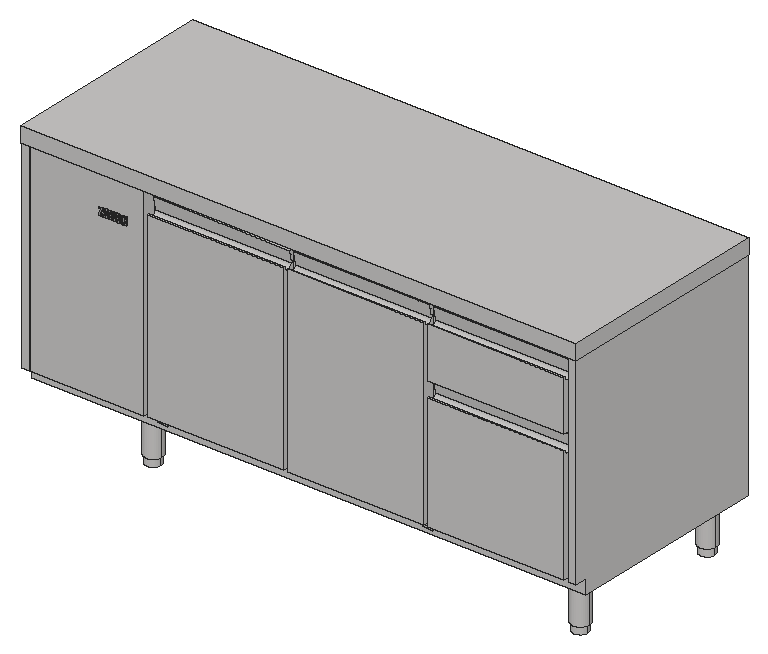
Revit family "QF_ZANUSSI_111045_ZH3HBAAD", category Specialty Equipment, Revit 2018 (continued)
Definition of nested family "ZAN_Cooling Unit"
  Lines and regions (mm)
    Split face 124
      outline origin (55.016, 2, -233.126) x (0, 0, 1) y (-1, 0, 0)
        loop
          arc (502.647, 116.535) -> (506.648, 112.533) -> (510.649, 116.535) r 4.001
          line (510.649, 116.535) -> (510.649, 158.547)
    Split face 125
      outline origin (55.016, 2, -245.129) x (0, 0, 1) y (-1, 0, 0)
        loop
          arc (510.649, 158.547) -> (506.648, 162.548) -> (502.647, 158.547) r 4.001
          line (502.647, 158.547) -> (502.647, 116.535)
          arc (502.647, 116.535) -> (506.648, 112.533) -> (510.649, 116.535) r 4.001
          line (510.649, 116.535) -> (510.649, 158.547)
    Split face 126
      outline origin (55.016, 2, -257.133) x (0, 0, 1) y (-1, 0, 0)
        loop
          arc (510.649, 158.547) -> (506.648, 162.548) -> (502.647, 158.547) r 4.001
          line (502.647, 158.547) -> (502.647, 116.535)
          arc (502.647, 116.535) -> (506.648, 112.533) -> (510.649, 116.535) r 4.001
          line (510.649, 116.535) -> (510.649, 158.547)
    Split face 127
      outline origin (55.016, 2, -269.136) x (0, 0, 1) y (-1, 0, 0)
        loop
          arc (510.649, 158.547) -> (506.648, 162.548) -> (502.647, 158.547) r 4.001
          line (502.647, 158.547) -> (502.647, 116.535)
          arc (502.647, 116.535) -> (506.648, 112.533) -> (510.649, 116.535) r 4.001
          line (510.649, 116.535) -> (510.649, 158.547)
    Split face 128
      outline origin (55.016, 2, -281.14) x (0, 0, 1) y (-1, 0, 0)
        loop
          arc (510.649, 158.547) -> (506.648, 162.548) -> (502.647, 158.547) r 4.001
          line (502.647, 158.547) -> (502.647, 116.535)
          arc (502.647, 116.535) -> (506.648, 112.533) -> (510.649, 116.535) r 4.001
          line (510.649, 116.535) -> (510.649, 158.547)
    Split face 129
      outline origin (55.016, 2, -293.144) x (0, 0, 1) y (-1, 0, 0)
        loop
          arc (510.649, 158.547) -> (506.648, 162.548) -> (502.647, 158.547) r 4.001
          line (502.647, 158.547) -> (502.647, 116.535)
          arc (502.647, 116.535) -> (506.648, 112.533) -> (510.649, 116.535) r 4.001
          line (510.649, 116.535) -> (510.649, 158.547)
    Split face 130
      outline origin (110.032, 2, -113.091) x (0, 0, 1) y (-1, 0, 0)
        loop
          arc (510.649, 158.547) -> (506.648, 162.548) -> (502.647, 158.547) r 4.001
          line (502.647, 158.547) -> (502.647, 116.535)
          arc (502.647, 116.535) -> (506.648, 112.533) -> (510.649, 116.535) r 4.001
          line (510.649, 116.535) -> (510.649, 158.547)
    Split face 131
      outline origin (110.032, 2, -125.094) x (0, 0, 1) y (-1, 0, 0)
        loop
          arc (510.649, 158.547) -> (506.648, 162.548) -> (502.647, 158.547) r 4.001
          line (502.647, 158.547) -> (502.647, 116.535)
          arc (502.647, 116.535) -> (506.648, 112.533) -> (510.649, 116.535) r 4.001
          line (510.649, 116.535) -> (510.649, 158.547)
    Split face 132
      outline origin (110.032, 2, -137.098) x (0, 0, 1) y (-1, 0, 0)
        loop
          arc (510.649, 158.547) -> (506.648, 162.548) -> (502.647, 158.547) r 4.001
          line (502.647, 158.547) -> (502.647, 116.535)
          arc (502.647, 116.535) -> (506.648, 112.533) -> (510.649, 116.535) r 4.001
          line (510.649, 116.535) -> (510.649, 158.547)
    Split face 133
      outline origin (110.032, 2, -149.101) x (0, 0, 1) y (-1, 0, 0)
        loop
          arc (510.649, 158.547) -> (506.648, 162.548) -> (502.647, 158.547) r 4.001
          line (502.647, 158.547) -> (502.647, 116.535)
          arc (502.647, 116.535) -> (506.648, 112.533) -> (510.649, 116.535) r 4.001
          line (510.649, 116.535) -> (510.649, 158.547)
    Split face 134
      outline origin (110.032, 2, -161.105) x (0, 0, 1) y (-1, 0, 0)
        loop
          arc (510.649, 158.547) -> (506.648, 162.548) -> (502.647, 158.547) r 4.001
          line (502.647, 158.547) -> (502.647, 116.535)
          arc (502.647, 116.535) -> (506.648, 112.533) -> (510.649, 116.535) r 4.001
          line (510.649, 116.535) -> (510.649, 158.547)
    Split face 135
      outline origin (110.032, 2, -173.108) x (0, 0, 1) y (-1, 0, 0)
        loop
          arc (510.649, 158.547) -> (506.648, 162.548) -> (502.647, 158.547) r 4.001
          line (502.647, 158.547) -> (502.647, 116.535)
          arc (502.647, 116.535) -> (506.648, 112.533) -> (510.649, 116.535) r 4.001
          line (510.649, 116.535) -> (510.649, 158.547)
    Split face 136
      outline origin (110.032, 2, -185.112) x (0, 0, 1) y (-1, 0, 0)
        loop
          arc (510.649, 158.547) -> (506.648, 162.548) -> (502.647, 158.547) r 4.001
          line (502.647, 158.547) -> (502.647, 116.535)
          arc (502.647, 116.535) -> (506.648, 112.533) -> (510.649, 116.535) r 4.001
          line (510.649, 116.535) -> (510.649, 158.547)
    Split face 137
      outline origin (110.032, 2, -197.115) x (0, 0, 1) y (-1, 0, 0)
        loop
          arc (510.649, 158.547) -> (506.648, 162.548) -> (502.647, 158.547) r 4.001
          line (502.647, 158.547) -> (502.647, 116.535)
          arc (502.647, 116.535) -> (506.648, 112.533) -> (510.649, 116.535) r 4.001
          line (510.649, 116.535) -> (510.649, 158.547)
    Split face 138
      outline origin (110.032, 2, -209.119) x (0, 0, 1) y (-1, 0, 0)
        loop
          arc (510.649, 158.547) -> (506.648, 162.548) -> (502.647, 158.547) r 4.001
          line (502.647, 158.547) -> (502.647, 116.535)
          arc (502.647, 116.535) -> (506.648, 112.533) -> (510.649, 116.535) r 4.001
          line (510.649, 116.535) -> (510.649, 158.547)
    Split face 139
      outline origin (110.032, 2, -221.122) x (0, 0, 1) y (-1, 0, 0)
        loop
          arc (510.649, 158.547) -> (506.648, 162.548) -> (502.647, 158.547) r 4.001
          line (502.647, 158.547) -> (502.647, 116.535)
          arc (502.647, 116.535) -> (506.648, 112.533) -> (510.649, 116.535) r 4.001
          line (510.649, 116.535) -> (510.649, 158.547)
    Split face 140
      outline origin (110.032, 2, -233.126) x (0, 0, 1) y (-1, 0, 0)
        loop
          arc (510.649, 158.547) -> (506.648, 162.548) -> (502.647, 158.547) r 4.001
          line (502.647, 158.547) -> (502.647, 116.535)
          arc (502.647, 116.535) -> (506.648, 112.533) -> (510.649, 116.535) r 4.001
          line (510.649, 116.535) -> (510.649, 158.547)
    Split face 141
      outline origin (110.032, 2, -245.129) x (0, 0, 1) y (-1, 0, 0)
        loop
          arc (510.649, 158.547) -> (506.648, 162.548) -> (502.647, 158.547) r 4.001
          line (502.647, 158.547) -> (502.647, 116.535)
          arc (502.647, 116.535) -> (506.648, 112.533) -> (510.649, 116.535) r 4.001
          line (510.649, 116.535) -> (510.649, 158.547)
    Split face 142
      outline origin (110.032, 2, -257.133) x (0, 0, 1) y (-1, 0, 0)
        loop
          arc (510.649, 158.547) -> (506.648, 162.548) -> (502.647, 158.547) r 4.001
          line (502.647, 158.547) -> (502.647, 116.535)
          arc (502.647, 116.535) -> (506.648, 112.533) -> (510.649, 116.535) r 4.001
          line (510.649, 116.535) -> (510.649, 158.547)
    Split face 143
      outline origin (110.032, 2, -269.136) x (0, 0, 1) y (-1, 0, 0)
        loop
          arc (510.649, 158.547) -> (506.648, 162.548) -> (502.647, 158.547) r 4.001
          line (502.647, 158.547) -> (502.647, 116.535)
          arc (502.647, 116.535) -> (506.648, 112.533) -> (510.649, 116.535) r 4.001
          line (510.649, 116.535) -> (510.649, 158.547)
    Split face 144
      outline origin (110.032, 2, -281.14) x (0, 0, 1) y (-1, 0, 0)
        loop
          arc (510.649, 158.547) -> (506.648, 162.548) -> (502.647, 158.547) r 4.001
          line (502.647, 158.547) -> (502.647, 116.535)
          arc (502.647, 116.535) -> (506.648, 112.533) -> (510.649, 116.535) r 4.001
          line (510.649, 116.535) -> (510.649, 158.547)
    Split face 145
      outline origin (110.032, 2, -293.144) x (0, 0, 1) y (-1, 0, 0)
        loop
          arc (510.649, 158.547) -> (506.648, 162.548) -> (502.647, 158.547) r 4.001
          line (502.647, 158.547) -> (502.647, 116.535)
          arc (502.647, 116.535) -> (506.648, 112.533) -> (510.649, 116.535) r 4.001
          line (510.649, 116.535) -> (510.649, 158.547)
    Split face 146
      outline origin (165.048, 2, -113.091) x (0, 0, 1) y (-1, 0, 0)
        loop
          arc (510.649, 158.547) -> (506.648, 162.548) -> (502.647, 158.547) r 4.001
          line (502.647, 158.547) -> (502.647, 116.535)
          arc (502.647, 116.535) -> (506.648, 112.533) -> (510.649, 116.535) r 4.001
          line (510.649, 116.535) -> (510.649, 158.547)
    Split face 147
      outline origin (165.048, 2, -125.094) x (0, 0, 1) y (-1, 0, 0)
        loop
          arc (510.649, 158.547) -> (506.648, 162.548) -> (502.647, 158.547) r 4.001
          line (502.647, 158.547) -> (502.647, 116.535)
          arc (502.647, 116.535) -> (506.648, 112.533) -> (510.649, 116.535) r 4.001
          line (510.649, 116.535) -> (510.649, 158.547)
    Split face 148
      outline origin (165.048, 2, -137.098) x (0, 0, 1) y (-1, 0, 0)
        loop
          arc (510.649, 158.547) -> (506.648, 162.548) -> (502.647, 158.547) r 4.001
          line (502.647, 158.547) -> (502.647, 116.535)
          arc (502.647, 116.535) -> (506.648, 112.533) -> (510.649, 116.535) r 4.001
          line (510.649, 116.535) -> (510.649, 158.547)
    Split face 149
      outline origin (165.048, 2, -149.101) x (0, 0, 1) y (-1, 0, 0)
        loop
          arc (510.649, 158.547) -> (506.648, 162.548) -> (502.647, 158.547) r 4.001
          line (502.647, 158.547) -> (502.647, 116.535)
          arc (502.647, 116.535) -> (506.648, 112.533) -> (510.649, 116.535) r 4.001
          line (510.649, 116.535) -> (510.649, 158.547)
    Split face 150
      outline origin (165.048, 2, -161.105) x (0, 0, 1) y (-1, 0, 0)
        loop
          arc (510.649, 158.547) -> (506.648, 162.548) -> (502.647, 158.547) r 4.001
          line (502.647, 158.547) -> (502.647, 116.535)
          arc (502.647, 116.535) -> (506.648, 112.533) -> (510.649, 116.535) r 4.001
          line (510.649, 116.535) -> (510.649, 158.547)
    Split face 151
      outline origin (165.048, 2, -173.108) x (0, 0, 1) y (-1, 0, 0)
        loop
          arc (510.649, 158.547) -> (506.648, 162.548) -> (502.647, 158.547) r 4.001
          line (502.647, 158.547) -> (502.647, 116.535)
          arc (502.647, 116.535) -> (506.648, 112.533) -> (510.649, 116.535) r 4.001
          line (510.649, 116.535) -> (510.649, 158.547)
    Split face 152
      outline origin (165.048, 2, -185.112) x (0, 0, 1) y (-1, 0, 0)
        loop
          arc (510.649, 158.547) -> (506.648, 162.548) -> (502.647, 158.547) r 4.001
          line (502.647, 158.547) -> (502.647, 116.535)
          arc (502.647, 116.535) -> (506.648, 112.533) -> (510.649, 116.535) r 4.001
          line (510.649, 116.535) -> (510.649, 158.547)
    Split face 153
      outline origin (165.048, 2, -197.115) x (0, 0, 1) y (-1, 0, 0)
        loop
          arc (510.649, 158.547) -> (506.648, 162.548) -> (502.647, 158.547) r 4.001
          line (502.647, 158.547) -> (502.647, 116.535)
          arc (502.647, 116.535) -> (506.648, 112.533) -> (510.649, 116.535) r 4.001
          line (510.649, 116.535) -> (510.649, 158.547)
    Split face 154
      outline origin (165.048, 2, -209.119) x (0, 0, 1) y (-1, 0, 0)
        loop
          arc (510.649, 158.547) -> (506.648, 162.548) -> (502.647, 158.547) r 4.001
          line (502.647, 158.547) -> (502.647, 116.535)
          arc (502.647, 116.535) -> (506.648, 112.533) -> (510.649, 116.535) r 4.001
          line (510.649, 116.535) -> (510.649, 158.547)
    Split face 155
      outline origin (165.048, 2, -221.122) x (0, 0, 1) y (-1, 0, 0)
        loop
          arc (510.649, 158.547) -> (506.648, 162.548) -> (502.647, 158.547) r 4.001
          line (502.647, 158.547) -> (502.647, 116.535)
          arc (502.647, 116.535) -> (506.648, 112.533) -> (510.649, 116.535) r 4.001
          line (510.649, 116.535) -> (510.649, 158.547)
    Split face 156
      outline origin (165.048, 2, -233.126) x (0, 0, 1) y (-1, 0, 0)
        loop
          arc (510.649, 158.547) -> (506.648, 162.548) -> (502.647, 158.547) r 4.001
          line (502.647, 158.547) -> (502.647, 116.535)
          arc (502.647, 116.535) -> (506.648, 112.533) -> (510.649, 116.535) r 4.001
          line (510.649, 116.535) -> (510.649, 158.547)
    Split face 157
      outline origin (165.048, 2, -245.129) x (0, 0, 1) y (-1, 0, 0)
        loop
          arc (510.649, 158.547) -> (506.648, 162.548) -> (502.647, 158.547) r 4.001
          line (502.647, 158.547) -> (502.647, 116.535)
          arc (502.647, 116.535) -> (506.648, 112.533) -> (510.649, 116.535) r 4.001
          line (510.649, 116.535) -> (510.649, 158.547)
    Split face 158
      outline origin (165.048, 2, -257.133) x (0, 0, 1) y (-1, 0, 0)
        loop
          arc (510.649, 158.547) -> (506.648, 162.548) -> (502.647, 158.547) r 4.001
          line (502.647, 158.547) -> (502.647, 116.535)
          arc (502.647, 116.535) -> (506.648, 112.533) -> (510.649, 116.535) r 4.001
          line (510.649, 116.535) -> (510.649, 158.547)
    Split face 159
      outline origin (165.048, 2, -269.136) x (0, 0, 1) y (-1, 0, 0)
        loop
          arc (510.649, 158.547) -> (506.648, 162.548) -> (502.647, 158.547) r 4.001
          line (502.647, 158.547) -> (502.647, 116.535)
          arc (502.647, 116.535) -> (506.648, 112.533) -> (510.649, 116.535) r 4.001
          line (510.649, 116.535) -> (510.649, 158.547)
    Split face 160
      outline origin (165.048, 2, -281.14) x (0, 0, 1) y (-1, 0, 0)
        loop
          arc (510.649, 158.547) -> (506.648, 162.548) -> (502.647, 158.547) r 4.001
          line (502.647, 158.547) -> (502.647, 116.535)
          arc (502.647, 116.535) -> (506.648, 112.533) -> (510.649, 116.535) r 4.001
          line (510.649, 116.535) -> (510.649, 158.547)
    Split face 161
      outline origin (165.048, 2, -293.144) x (0, 0, 1) y (-1, 0, 0)
        loop
          arc (510.649, 158.547) -> (506.648, 162.548) -> (502.647, 158.547) r 4.001
          line (502.647, 158.547) -> (502.647, 116.535)
          arc (502.647, 116.535) -> (506.648, 112.533) -> (510.649, 116.535) r 4.001
          line (510.649, 116.535) -> (510.649, 158.547)
    Split face 162
      outline origin (220.064, 2, -113.091) x (0, 0, 1) y (-1, 0, 0)
        loop
          arc (510.649, 158.547) -> (506.648, 162.548) -> (502.647, 158.547) r 4.001
          line (502.647, 158.547) -> (502.647, 116.535)
          arc (502.647, 116.535) -> (506.648, 112.533) -> (510.649, 116.535) r 4.001
          line (510.649, 116.535) -> (510.649, 158.547)
    Split face 163
      outline origin (220.064, 2, -125.094) x (0, 0, 1) y (-1, 0, 0)
        loop
          arc (510.649, 158.547) -> (506.648, 162.548) -> (502.647, 158.547) r 4.001
          line (502.647, 158.547) -> (502.647, 116.535)
          arc (502.647, 116.535) -> (506.648, 112.533) -> (510.649, 116.535) r 4.001
          line (510.649, 116.535) -> (510.649, 158.547)
    Split face 164
      outline origin (220.064, 2, -137.098) x (0, 0, 1) y (-1, 0, 0)
        loop
          arc (510.649, 158.547) -> (506.648, 162.548) -> (502.647, 158.547) r 4.001
          line (502.647, 158.547) -> (502.647, 116.535)
          arc (502.647, 116.535) -> (506.648, 112.533) -> (510.649, 116.535) r 4.001
          line (510.649, 116.535) -> (510.649, 158.547)
    Split face 165
      outline origin (220.064, 2, -149.101) x (0, 0, 1) y (-1, 0, 0)
        loop
          arc (510.649, 158.547) -> (506.648, 162.548) -> (502.647, 158.547) r 4.001
          line (502.647, 158.547) -> (502.647, 116.535)
          arc (502.647, 116.535) -> (506.648, 112.533) -> (510.649, 116.535) r 4.001
          line (510.649, 116.535) -> (510.649, 158.547)
    Split face 166
      outline origin (220.064, 2, -161.105) x (0, 0, 1) y (-1, 0, 0)
        loop
          arc (510.649, 158.547) -> (506.648, 162.548) -> (502.647, 158.547) r 4.001
          line (502.647, 158.547) -> (502.647, 116.535)
          arc (502.647, 116.535) -> (506.648, 112.533) -> (510.649, 116.535) r 4.001
          line (510.649, 116.535) -> (510.649, 158.547)
    Split face 167
      outline origin (220.064, 2, -173.108) x (0, 0, 1) y (-1, 0, 0)
        loop
          arc (510.649, 158.547) -> (506.648, 162.548) -> (502.647, 158.547) r 4.001
          line (502.647, 158.547) -> (502.647, 116.535)
          arc (502.647, 116.535) -> (506.648, 112.533) -> (510.649, 116.535) r 4.001
          line (510.649, 116.535) -> (510.649, 158.547)
    Split face 168
      outline origin (220.064, 2, -185.112) x (0, 0, 1) y (-1, 0, 0)
        loop
          arc (510.649, 158.547) -> (506.648, 162.548) -> (502.647, 158.547) r 4.001
          line (502.647, 158.547) -> (502.647, 116.535)
          arc (502.647, 116.535) -> (506.648, 112.533) -> (510.649, 116.535) r 4.001
          line (510.649, 116.535) -> (510.649, 158.547)
    Split face 169
      outline origin (220.064, 2, -197.115) x (0, 0, 1) y (-1, 0, 0)
        loop
          arc (510.649, 158.547) -> (506.648, 162.548) -> (502.647, 158.547) r 4.001
          line (502.647, 158.547) -> (502.647, 116.535)
          arc (502.647, 116.535) -> (506.648, 112.533) -> (510.649, 116.535) r 4.001
          line (510.649, 116.535) -> (510.649, 158.547)
    Split face 170
      outline origin (220.064, 2, -209.119) x (0, 0, 1) y (-1, 0, 0)
        loop
          arc (510.649, 158.547) -> (506.648, 162.548) -> (502.647, 158.547) r 4.001
          line (502.647, 158.547) -> (502.647, 116.535)
          arc (502.647, 116.535) -> (506.648, 112.533) -> (510.649, 116.535) r 4.001
          line (510.649, 116.535) -> (510.649, 158.547)
    Split face 171
      outline origin (220.064, 2, -221.122) x (0, 0, 1) y (-1, 0, 0)
        loop
          arc (510.649, 158.547) -> (506.648, 162.548) -> (502.647, 158.547) r 4.001
          line (502.647, 158.547) -> (502.647, 116.535)
          arc (502.647, 116.535) -> (506.648, 112.533) -> (510.649, 116.535) r 4.001
          line (510.649, 116.535) -> (510.649, 158.547)
    Split face 172
      outline origin (220.064, 2, -233.126) x (0, 0, 1) y (-1, 0, 0)
        loop
          arc (510.649, 158.547) -> (506.648, 162.548) -> (502.647, 158.547) r 4.001
          line (502.647, 158.547) -> (502.647, 116.535)
          arc (502.647, 116.535) -> (506.648, 112.533) -> (510.649, 116.535) r 4.001
          line (510.649, 116.535) -> (510.649, 158.547)
    Split face 173
      outline origin (220.064, 2, -245.129) x (0, 0, 1) y (-1, 0, 0)
        loop
          arc (510.649, 158.547) -> (506.648, 162.548) -> (502.647, 158.547) r 4.001
          line (502.647, 158.547) -> (502.647, 116.535)
          arc (502.647, 116.535) -> (506.648, 112.533) -> (510.649, 116.535) r 4.001
          line (510.649, 116.535) -> (510.649, 158.547)
    Split face 174
      outline origin (220.064, 2, -257.133) x (0, 0, 1) y (-1, 0, 0)
        loop
          arc (510.649, 158.547) -> (506.648, 162.548) -> (502.647, 158.547) r 4.001
          line (502.647, 158.547) -> (502.647, 116.535)
          arc (502.647, 116.535) -> (506.648, 112.533) -> (510.649, 116.535) r 4.001
          line (510.649, 116.535) -> (510.649, 158.547)
    Split face 175
      outline origin (220.064, 2, -269.136) x (0, 0, 1) y (-1, 0, 0)
        loop
          arc (510.649, 158.547) -> (506.648, 162.548) -> (502.647, 158.547) r 4.001
          line (502.647, 158.547) -> (502.647, 116.535)
          arc (502.647, 116.535) -> (506.648, 112.533) -> (510.649, 116.535) r 4.001
          line (510.649, 116.535) -> (510.649, 158.547)
    Split face 176
      outline origin (220.064, 2, -281.14) x (0, 0, 1) y (-1, 0, 0)
        loop
          arc (510.649, 158.547) -> (506.648, 162.548) -> (502.647, 158.547) r 4.001
          line (502.647, 158.547) -> (502.647, 116.535)
          arc (502.647, 116.535) -> (506.648, 112.533) -> (510.649, 116.535) r 4.001
          line (510.649, 116.535) -> (510.649, 158.547)
    Split face 177
      outline origin (220.064, 2, -293.144) x (0, 0, 1) y (-1, 0, 0)
        loop
          arc (510.649, 158.547) -> (506.648, 162.548) -> (502.647, 158.547) r 4.001
          line (502.647, 158.547) -> (502.647, 116.535)
          arc (502.647, 116.535) -> (506.648, 112.533) -> (510.649, 116.535) r 4.001
          line (510.649, 116.535) -> (510.649, 158.547)
    Split face 178
      outline origin (275.081, 2, -113.091) x (0, 0, 1) y (-1, 0, 0)
        loop
          arc (510.649, 158.547) -> (506.648, 162.548) -> (502.647, 158.547) r 4.001
          line (502.647, 158.547) -> (502.647, 116.535)
          arc (502.647, 116.535) -> (506.648, 112.533) -> (510.649, 116.535) r 4.001
          line (510.649, 116.535) -> (510.649, 158.547)
    Split face 179
      outline origin (275.081, 2, -125.094) x (0, 0, 1) y (-1, 0, 0)
        loop
          arc (510.649, 158.547) -> (506.648, 162.548) -> (502.647, 158.547) r 4.001
          line (502.647, 158.547) -> (502.647, 116.535)
          arc (502.647, 116.535) -> (506.648, 112.533) -> (510.649, 116.535) r 4.001
          line (510.649, 116.535) -> (510.649, 158.547)
    Split face 180
      outline origin (275.081, 2, -137.098) x (0, 0, 1) y (-1, 0, 0)
        loop
          arc (510.649, 158.547) -> (506.648, 162.548) -> (502.647, 158.547) r 4.001
          line (502.647, 158.547) -> (502.647, 116.535)
          arc (502.647, 116.535) -> (506.648, 112.533) -> (510.649, 116.535) r 4.001
          line (510.649, 116.535) -> (510.649, 158.547)
    Split face 181
      outline origin (275.081, 2, -149.101) x (0, 0, 1) y (-1, 0, 0)
        loop
          arc (510.649, 158.547) -> (506.648, 162.548) -> (502.647, 158.547) r 4.001
          line (502.647, 158.547) -> (502.647, 116.535)
          arc (502.647, 116.535) -> (506.648, 112.533) -> (510.649, 116.535) r 4.001
          line (510.649, 116.535) -> (510.649, 158.547)
    Split face 182
      outline origin (275.081, 2, -161.105) x (0, 0, 1) y (-1, 0, 0)
        loop
          arc (510.649, 158.547) -> (506.648, 162.548) -> (502.647, 158.547) r 4.001
          line (502.647, 158.547) -> (502.647, 116.535)
          arc (502.647, 116.535) -> (506.648, 112.533) -> (510.649, 116.535) r 4.001
          line (510.649, 116.535) -> (510.649, 158.547)
    Split face 183
      outline origin (275.081, 2, -173.108) x (0, 0, 1) y (-1, 0, 0)
        loop
          arc (510.649, 158.547) -> (506.648, 162.548) -> (502.647, 158.547) r 4.001
          line (502.647, 158.547) -> (502.647, 116.535)
          arc (502.647, 116.535) -> (506.648, 112.533) -> (510.649, 116.535) r 4.001
          line (510.649, 116.535) -> (510.649, 158.547)
    Split face 184
      outline origin (275.081, 2, -185.112) x (0, 0, 1) y (-1, 0, 0)
        loop
          arc (510.649, 158.547) -> (506.648, 162.548) -> (502.647, 158.547) r 4.001
          line (502.647, 158.547) -> (502.647, 116.535)
          arc (502.647, 116.535) -> (506.648, 112.533) -> (510.649, 116.535) r 4.001
          line (510.649, 116.535) -> (510.649, 158.547)
    Split face 185
      outline origin (275.081, 2, -197.115) x (0, 0, 1) y (-1, 0, 0)
        loop
          arc (510.649, 158.547) -> (506.648, 162.548) -> (502.647, 158.547) r 4.001
          line (502.647, 158.547) -> (502.647, 116.535)
          arc (502.647, 116.535) -> (506.648, 112.533) -> (510.649, 116.535) r 4.001
          line (510.649, 116.535) -> (510.649, 158.547)
    Split face 186
      outline origin (275.081, 2, -209.119) x (0, 0, 1) y (-1, 0, 0)
        loop
          arc (510.649, 158.547) -> (506.648, 162.548) -> (502.647, 158.547) r 4.001
          line (502.647, 158.547) -> (502.647, 116.535)
          arc (502.647, 116.535) -> (506.648, 112.533) -> (510.649, 116.535) r 4.001
          line (510.649, 116.535) -> (510.649, 158.547)
    Split face 187
      outline origin (275.081, 2, -221.122) x (0, 0, 1) y (-1, 0, 0)
        loop
          arc (510.649, 158.547) -> (506.648, 162.548) -> (502.647, 158.547) r 4.001
          line (502.647, 158.547) -> (502.647, 116.535)
          arc (502.647, 116.535) -> (506.648, 112.533) -> (510.649, 116.535) r 4.001
          line (510.649, 116.535) -> (510.649, 158.547)
    Split face 188
      outline origin (275.081, 2, -233.126) x (0, 0, 1) y (-1, 0, 0)
        loop
          arc (510.649, 158.547) -> (506.648, 162.548) -> (502.647, 158.547) r 4.001
          line (502.647, 158.547) -> (502.647, 116.535)
          arc (502.647, 116.535) -> (506.648, 112.533) -> (510.649, 116.535) r 4.001
          line (510.649, 116.535) -> (510.649, 158.547)
    Split face 189
      outline origin (275.081, 2, -245.129) x (0, 0, 1) y (-1, 0, 0)
        loop
          arc (510.649, 158.547) -> (506.648, 162.548) -> (502.647, 158.547) r 4.001
          line (502.647, 158.547) -> (502.647, 116.535)
          arc (502.647, 116.535) -> (506.648, 112.533) -> (510.649, 116.535) r 4.001
          line (510.649, 116.535) -> (510.649, 158.547)
    Split face 190
      outline origin (275.081, 2, -257.133) x (0, 0, 1) y (-1, 0, 0)
        loop
          arc (510.649, 158.547) -> (506.648, 162.548) -> (502.647, 158.547) r 4.001
          line (502.647, 158.547) -> (502.647, 116.535)
          arc (502.647, 116.535) -> (506.648, 112.533) -> (510.649, 116.535) r 4.001
          line (510.649, 116.535) -> (510.649, 158.547)
    Split face 191
      outline origin (275.081, 2, -269.136) x (0, 0, 1) y (-1, 0, 0)
        loop
          arc (510.649, 158.547) -> (506.648, 162.548) -> (502.647, 158.547) r 4.001
          line (502.647, 158.547) -> (502.647, 116.535)
          arc (502.647, 116.535) -> (506.648, 112.533) -> (510.649, 116.535) r 4.001
          line (510.649, 116.535) -> (510.649, 158.547)
    Split face 192
      outline origin (275.081, 2, -281.14) x (0, 0, 1) y (-1, 0, 0)
        loop
          arc (510.649, 158.547) -> (506.648, 162.548) -> (502.647, 158.547) r 4.001
          line (502.647, 158.547) -> (502.647, 116.535)
          arc (502.647, 116.535) -> (506.648, 112.533) -> (510.649, 116.535) r 4.001
          line (510.649, 116.535) -> (510.649, 158.547)
    Split face 193
      outline origin (275.081, 2, -293.144) x (0, 0, 1) y (-1, 0, 0)
        loop
          arc (510.649, 158.547) -> (506.648, 162.548) -> (502.647, 158.547) r 4.001
          line (502.647, 158.547) -> (502.647, 116.535)
          arc (502.647, 116.535) -> (506.648, 112.533) -> (510.649, 116.535) r 4.001
          line (510.649, 116.535) -> (510.649, 158.547)
    Split face 194
      outline origin (0, 2, 197) x (0, 0, 1) y (-1, 0, 0)
        loop
          spline (566.835, 20.381) -> (564.628, 19.058) -> (561.987, 18.027) -> (558.955, 17.386) -> (555.581, 17.244) -> (551.912, 17.703) -> (547.993, 18.863) -> (543.871, 20.83) -> (539.591, 23.706) -> (535.202, 27.594) -> (530.748, 32.597) -> (526.28, 38.824) -> (521.835, 46.362)
        loop
          spline (521.835, 58.392) -> (525.386, 49.242) -> (529.197, 41.481) -> (533.2, 35.023) -> (537.329, 29.786) -> (541.516, 25.684) -> (545.695, 22.634) -> (549.798, 20.552) -> (553.759, 19.355) -> (557.511, 18.958) -> (560.984, 19.275) -> (564.115, 20.227) -> (566.835, 21.726)
    Split face 195
      outline origin (0, 2, 197) x (0, 0, 1) y (-1, 0, 0)
        loop
          line (555.835, 149.5) -> (532.835, 149.5) -> (532.835, 94.5) -> (555.835, 94.5) -> (555.835, 149.5)
  Dimensions and locks
    aligned and locked: level to plane 2
  Nested families
    nested 1: "ZAN_Logo_S_Grey" at (85, 2, 741.213) x (1, 0, 0) z (0, -1, 0), visible <- "Show Logo", type "ZAN_Logo_S_Grey"
  Definition of nested family "ZAN_Logo_S_Grey"
    Parameters
      Default Elevation = 0 mm
    Reference planes
      plane 1 "Centro (Fronte/Retro)": y = 0
      plane 2: z = 0
      plane 3 "Centro (Sinistra/Destra)": x = 0
    Forms (mm)
      Extrusion 1, solid
        sketch origin (0, 0, 0) x (1, 0, 0) y (0, 1, 0)
          loop
            line (-1219.2, 1219.2) -> (-1219.2, -1219.2) -> (1219.2, -1219.2) -> (1219.2, 1219.2) -> (-1219.2, 1219.2)
        from 0 to -304.8
      Extrusion 2, solid
        sketch origin (17.793, -46.218, 0) x (-1, 0, 0) y (0, -1, 0)
          loop
            spline (-4.176, -58.079) -> (-3.496, -58.328) -> (-2.793, -58.512) -> (-2.075, -58.63) -> (-1.348, -58.682) -> (-0.619, -58.669) -> (0.106, -58.588) -> (0.818, -58.44) -> (1.512, -58.225) -> (2.18, -57.941) -> (2.817, -57.589) -> (3.414, -57.167) -> (3.966, -56.676)
            spline (3.966, -56.676) -> (4.293, -56.162) -> (4.575, -55.61) -> (4.81, -55.026) -> (5, -54.419) -> (5.146, -53.797) -> (5.247, -53.166) -> (5.304, -52.536) -> (5.318, -51.913) -> (5.288, -51.306) -> (5.217, -50.723) -> (5.103, -50.17) -> (4.949, -49.657)
            line (4.949, -49.657) -> (2.702, -46.428) -> (0.316, -44.323)
            spline (0.316, -44.323) -> (0.065, -44.115) -> (-0.195, -43.909) -> (-0.46, -43.704) -> (-0.729, -43.496) -> (-0.997, -43.282) -> (-1.263, -43.059) -> (-1.523, -42.825) -> (-1.774, -42.576) -> (-2.013, -42.309) -> (-2.238, -42.022) -> (-2.445, -41.712) -> (-2.632, -41.375)
            spline (-2.632, -41.375) -> (-2.666, -41.159) -> (-2.697, -40.934) -> (-2.722, -40.701) -> (-2.736, -40.465) -> (-2.736, -40.227) -> (-2.72, -39.989) -> (-2.682, -39.754) -> (-2.621, -39.524) -> (-2.533, -39.302) -> (-2.414, -39.091) -> (-2.261, -38.892) -> (-2.07, -38.708)
            line (-2.07, -38.708) -> (-0.245, -38.567)
            spline (-0.245, -38.567) -> (0.096, -38.8) -> (0.354, -39.074) -> (0.54, -39.381) -> (0.664, -39.716) -> (0.738, -40.073) -> (0.772, -40.445) -> (0.777, -40.825) -> (0.763, -41.208) -> (0.742, -41.588) -> (0.723, -41.957) -> (0.718, -42.309) -> (0.737, -42.638)
            line (0.737, -42.638) -> (5.65, -42.638)
            spline (5.65, -42.638) -> (5.708, -42.042) -> (5.741, -41.448) -> (5.747, -40.857) -> (5.723, -40.273) -> (5.668, -39.696) -> (5.58, -39.129) -> (5.457, -38.574) -> (5.297, -38.032) -> (5.098, -37.506) -> (4.857, -36.997) -> (4.574, -36.508) -> (4.247, -36.041)
            spline (4.247, -36.041) -> (3.844, -35.675) -> (3.409, -35.35) -> (2.946, -35.065) -> (2.458, -34.819) -> (1.949, -34.612) -> (1.421, -34.444) -> (0.88, -34.314) -> (0.326, -34.221) -> (-0.234, -34.165) -> (-0.8, -34.146) -> (-1.366, -34.163) -> (-1.93, -34.216)
            spline (-1.93, -34.216) -> (-2.526, -34.309) -> (-3.116, -34.448) -> (-3.695, -34.633) -> (-4.259, -34.861) -> (-4.801, -35.131) -> (-5.316, -35.444) -> (-5.799, -35.798) -> (-6.245, -36.191) -> (-6.648, -36.624) -> (-7.002, -37.095) -> (-7.303, -37.603) -> (-7.545, -38.146)
            spline (-7.545, -38.146) -> (-7.694, -38.815) -> (-7.792, -39.487) -> (-7.839, -40.158) -> (-7.836, -40.824) -> (-7.785, -41.482) -> (-7.685, -42.129) -> (-7.539, -42.762) -> (-7.347, -43.377) -> (-7.111, -43.97) -> (-6.83, -44.538) -> (-6.506, -45.078) -> (-6.141, -45.586)
            line (-6.141, -45.586) -> (-0.526, -50.64) -> (0.176, -51.482)
            spline (0.176, -51.482) -> (0.248, -51.66) -> (0.323, -51.843) -> (0.397, -52.03) -> (0.467, -52.22) -> (0.529, -52.412) -> (0.579, -52.605) -> (0.615, -52.798) -> (0.633, -52.989) -> (0.63, -53.179) -> (0.601, -53.366) -> (0.545, -53.55) -> (0.456, -53.728)
            spline (0.456, -53.728) -> (0.375, -53.892) -> (0.273, -54.034) -> (0.154, -54.155) -> (0.02, -54.258) -> (-0.126, -54.343) -> (-0.28, -54.412) -> (-0.441, -54.466) -> (-0.604, -54.508) -> (-0.767, -54.537) -> (-0.928, -54.556) -> (-1.082, -54.567) -> (-1.228, -54.57)
            line (-1.228, -54.57) -> (-2.632, -53.587) -> (-2.772, -50.64) -> (-7.405, -50.64)
            spline (-7.405, -50.64) -> (-7.41, -51.031) -> (-7.423, -51.432) -> (-7.44, -51.839) -> (-7.456, -52.251) -> (-7.469, -52.665) -> (-7.475, -53.079) -> (-7.468, -53.489) -> (-7.446, -53.894) -> (-7.404, -54.291) -> (-7.339, -54.679) -> (-7.247, -55.053) -> (-7.123, -55.412)
            spline (-7.123, -55.412) -> (-6.999, -55.693) -> (-6.837, -55.97) -> (-6.643, -56.244) -> (-6.422, -56.509) -> (-6.177, -56.765) -> (-5.913, -57.009) -> (-5.634, -57.238) -> (-5.346, -57.45) -> (-5.051, -57.643) -> (-4.755, -57.814) -> (-4.462, -57.96) -> (-4.176, -58.079)
          loop
            spline (-21.021, -55.552) -> (-20.633, -56.181) -> (-20.177, -56.736) -> (-19.661, -57.217) -> (-19.092, -57.627) -> (-18.478, -57.966) -> (-17.827, -58.237) -> (-17.147, -58.441) -> (-16.446, -58.578) -> (-15.73, -58.652) -> (-15.009, -58.662) -> (-14.29, -58.611) -> (-13.581, -58.5)
            spline (-13.581, -58.5) -> (-13.088, -58.407) -> (-12.595, -58.269) -> (-12.109, -58.088) -> (-11.636, -57.866) -> (-11.183, -57.605) -> (-10.756, -57.307) -> (-10.361, -56.974) -> (-10.004, -56.608) -> (-9.692, -56.211) -> (-9.431, -55.784) -> (-9.228, -55.33) -> (-9.089, -54.851)
            spline (-9.089, -54.851) -> (-8.873, -54.211) -> (-8.715, -53.559) -> (-8.615, -52.901) -> (-8.574, -52.241) -> (-8.592, -51.585) -> (-8.668, -50.938) -> (-8.802, -50.306) -> (-8.995, -49.693) -> (-9.247, -49.106) -> (-9.557, -48.55) -> (-9.925, -48.03) -> (-10.352, -47.551)
            line (-10.352, -47.551) -> (-15.546, -42.919) -> (-16.669, -41.234)
            spline (-16.669, -41.234) -> (-16.704, -41.021) -> (-16.735, -40.804) -> (-16.761, -40.583) -> (-16.778, -40.361) -> (-16.784, -40.139) -> (-16.774, -39.919) -> (-16.748, -39.701) -> (-16.7, -39.488) -> (-16.63, -39.28) -> (-16.533, -39.08) -> (-16.406, -38.889) -> (-16.248, -38.708)
            line (-16.248, -38.708) -> (-14.844, -38.427)
            spline (-14.844, -38.427) -> (-14.347, -38.545) -> (-13.969, -38.749) -> (-13.695, -39.028) -> (-13.508, -39.368) -> (-13.393, -39.757) -> (-13.335, -40.182) -> (-13.318, -40.63) -> (-13.326, -41.089) -> (-13.344, -41.546) -> (-13.356, -41.988) -> (-13.347, -42.403) -> (-13.3, -42.779)
            line (-13.3, -42.779) -> (-8.387, -42.638)
            spline (-8.387, -42.638) -> (-8.326, -42.034) -> (-8.288, -41.417) -> (-8.277, -40.794) -> (-8.299, -40.169) -> (-8.357, -39.548) -> (-8.457, -38.936) -> (-8.604, -38.339) -> (-8.803, -37.762) -> (-9.058, -37.21) -> (-9.375, -36.689) -> (-9.758, -36.204) -> (-10.212, -35.76)
            spline (-10.212, -35.76) -> (-10.793, -35.336) -> (-11.409, -34.976) -> (-12.054, -34.679) -> (-12.723, -34.445) -> (-13.409, -34.273) -> (-14.107, -34.163) -> (-14.811, -34.115) -> (-15.515, -34.127) -> (-16.213, -34.2) -> (-16.899, -34.333) -> (-17.568, -34.526) -> (-18.213, -34.777)
            spline (-18.213, -34.777) -> (-18.496, -34.897) -> (-18.783, -35.044) -> (-19.071, -35.216) -> (-19.357, -35.412) -> (-19.639, -35.629) -> (-19.915, -35.865) -> (-20.182, -36.119) -> (-20.438, -36.389) -> (-20.681, -36.672) -> (-20.907, -36.967) -> (-21.115, -37.272) -> (-21.301, -37.585)
            spline (-21.301, -37.585) -> (-21.55, -38.26) -> (-21.734, -38.948) -> (-21.854, -39.647) -> (-21.91, -40.351) -> (-21.901, -41.057) -> (-21.828, -41.761) -> (-21.69, -42.459) -> (-21.489, -43.148) -> (-21.222, -43.823) -> (-20.892, -44.48) -> (-20.497, -45.116) -> (-20.038, -45.726)
            line (-20.038, -45.726) -> (-14.142, -51.061) -> (-13.44, -52.886) -> (-14.002, -54.289) -> (-15.265, -54.57) -> (-16.669, -53.587) -> (-16.81, -50.78) -> (-21.582, -50.64)
            spline (-21.582, -50.64) -> (-21.558, -51.063) -> (-21.55, -51.491) -> (-21.554, -51.92) -> (-21.561, -52.35) -> (-21.567, -52.778) -> (-21.565, -53.201) -> (-21.547, -53.619) -> (-21.509, -54.029) -> (-21.444, -54.43) -> (-21.345, -54.818) -> (-21.206, -55.193) -> (-21.021, -55.552)
          loop
            line (-22.424, -34.216) -> (-27.337, -34.216) -> (-27.337, -58.22) -> (-22.424, -58.22) -> (-22.424, -34.216)
          loop
            line (14.213, -39.971) -> (14.213, -58.22) -> (19.126, -58.22) -> (19.126, -42.077) -> (18.845, -38.146) -> (18.424, -37.164) -> (17.442, -35.9) -> (16.459, -35.199) -> (14.494, -34.356) -> (13.511, -34.216) -> (11.265, -34.216) -> (10.142, -34.497) -> (8.458, -35.479) -> (6.493, -38.287) -> (6.352, -39.269) -> (6.352, -58.22) -> (11.265, -58.22) -> (11.265, -40.392) -> (11.827, -39.129) -> (13.371, -38.988) -> (14.213, -39.971)
          loop
            line (20.249, -58.22) -> (24.741, -58.22) -> (24.741, -42.919) -> (28.812, -58.22) -> (34.006, -58.22) -> (34.006, -34.216) -> (29.654, -34.216) -> (29.654, -50.078) -> (25.583, -34.216) -> (20.249, -34.216) -> (20.249, -58.22)
          loop
            line (50.149, -58.22) -> (62.361, -58.22) -> (62.361, -53.728) -> (55.904, -53.868) -> (62.923, -39.129) -> (62.923, -34.216) -> (50.149, -34.216) -> (50.149, -39.129) -> (57.517, -39.129) -> (50.149, -54.149) -> (50.149, -58.22)
          loop
            line (38.778, -58.22) -> (45.516, -58.22) -> (49.868, -34.216) -> (44.814, -34.216) -> (44.113, -38.848) -> (40.042, -38.848) -> (39.34, -34.216) -> (34.286, -34.216) -> (38.778, -58.22)
          loop
            line (43.551, -43.2) -> (40.744, -43.2) -> (42.147, -54.117) -> (43.551, -43.2)
        from 0 to 1.644
    Dimensions and locks
      aligned and locked: plane 2 to Extrusion 1
      aligned and locked: level to Extrusion 1
Definition of nested family "Refrigerator"
  Reference planes
    plane 1 "Center (Front/Back)": y = 0
    plane 2: z = 0
    plane 3 "Center (Left/Right)": x = 0
  Lines and regions (mm)
    detail lines, in view "Ref. Level"
      curve 1: spline (-500, 190, 0) -> (-493.185, 166.706, 0) -> (-473.205, 145, 0) -> (-441.421, 126.36, 0) -> (-400, 112.058, 0) -> (-351.764, 103.067, 0) -> (-300, 100, 0) -> (-248.236, 103.067, 0) -> (-200, 112.058, 0) -> (-158.579, 126.36, 0) -> (-126.795, 145, 0) -> (-106.815, 166.706, 0) -> (-100, 190, 0) -> (-106.815, 213.294, 0) -> (-126.795, 235, 0) -> (-158.579, 253.64, 0) -> (-200, 267.942, 0) -> (-248.236, 276.933, 0) -> (-300, 280, 0) -> (-351.764, 276.933, 0) -> (-400, 267.942, 0) -> (-441.421, 253.64, 0) -> (-473.205, 235, 0) -> (-493.185, 213.294, 0) -> (-500, 190, 0)
      curve 2: line (-300, 130, 0) -> (-300, 250, 0)
      curve 3: line (-351.962, 220, 0) -> (-248.038, 160, 0)
      curve 4: line (-351.962, 160, 0) -> (-248.038, 220, 0)
      curve 5: line (-280.884, 246.873, 0) -> (-300, 225, 0)
      curve 6: line (-300, 225, 0) -> (-319.116, 246.873, 0)
      curve 7: line (-330.311, 207.5, 0) -> (-339.696, 234.992, 0)
      curve 8: line (-358.812, 201.882, 0) -> (-330.311, 207.5, 0)
      curve 9: line (-330.311, 172.5, 0) -> (-358.812, 178.118, 0)
      curve 10: line (-339.696, 145.008, 0) -> (-330.311, 172.5, 0)
      curve 11: line (-300, 155, 0) -> (-319.116, 133.127, 0)
      curve 12: line (-280.884, 133.127, 0) -> (-300, 155, 0)
      curve 13: line (-269.689, 172.5, 0) -> (-260.304, 145.008, 0)
      curve 14: line (-241.188, 178.118, 0) -> (-269.689, 172.5, 0)
      curve 15: line (-269.689, 207.5, 0) -> (-241.188, 201.882, 0)
      curve 16: line (-260.304, 234.992, 0) -> (-269.689, 207.5, 0)
